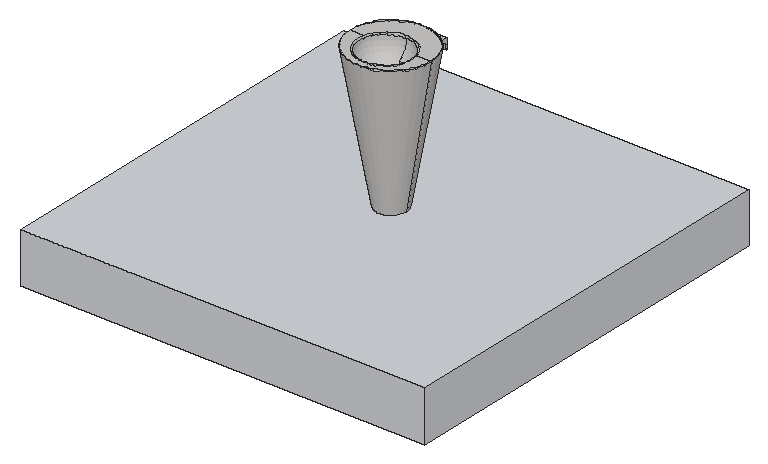
Revit family
Parameters (values of type "8931-RLS-S-H0")
  Waste Connection = yes
  WFU = 0
  Voltage = 0
  Vent Connection = no
  URL = "http://www.neo-metro.com/"
  Type Comments = ""
  Tempered Water Connection = no
  Revised Date = "03/19/2013"
  Phone# = "626-336-4561"
  Model = "8931-RLS-S-H0"
  Material = Stainless Steel
  Manufacturer = "Neo-Metro"
  HWFU = 0
  HW Connection = yes
  Designed By = "ATS BIM Team"
  Description = "Metropolis Basin - Small Round Basin"
  Default Elevation = 0"
  CWFU = 0
  CW Connection = yes
  Assembly Code = ""
  Amperage = 0
  8931-RLS-S - Satin Finish = yes
  8931-RLS-HPR - Mira Finish Rim = no
  8931-RLS-HPA - Mira Finish - All = no
  -OF - Overflow Outlet = no
  -NMF-2-S - Satin Finish Neo-Metro Deck Mounted Faucet = no
  -NMF-2-HP - High Polish Neo-Metro Deck Mounted Faucet = no
  -H1 - Single Hole = no
  -H0 - Less Punching (Requires Wall Mounted Faucet) = yes
Reference planes (in)
  plane 1 "Center (Front/Back)": y = 0
  plane 2: z = 0
  plane 3 "Center (Left/Right)": x = 0
  plane 4: x = -3.6875
  plane 5: x = -9.625
  plane 6: z = 34
  plane 7: x = -7.875
  plane 8: z = 29
  plane 9: x = 3.6875
  plane 10: x = -7.875
  plane 11: x = 9.625
  plane 12: x = 7.875
  plane 13: y = 11.625
  plane 14: y = -7.625
  plane 15: y = -5.875
  plane 16: y = 14
  plane 17: z = 26
  plane 18: z = 29.25
Forms (in)
  Extrusion 1, solid
    sketch origin (0, 0, 0) x (1, 0, 0) y (0, 1, 0)
      loop
        line (-48, 48) -> (-48, -48) -> (48, -48) -> (48, 48) -> (-48, 48)
    from 0 to -12
  Revolve 2, solid, material "Stainless Steel" <- "Material"
    sketch origin (0, 2, 0) x (-1, 0, 0) y (0, 0, 1)
      loop
        line (-3.6875, 0) -> (0, 0) -> (0, 2.17992) -> (-6.29156, 27.41398) -> (0, 27.41398) -> (0, 34) -> (-9.55064, 34)
        arc (-9.55064, 34) -> (-9.59848, 33.97771) -> (-9.61221, 33.92675) r 0.0625
        line (-9.61221, 33.92675) -> (-3.6875, 0)
      axis (0, 34) -> (0, 0)
    angle from 0 to 360
  Extrusion 3, solid, material "Stainless Steel" <- "Material"
    sketch origin (0, 3, -0.5) x (0, -1, 0) y (0, 0, 1)
      loop
        line (-6.42887, 32.23982) -> (-11, 32.23982) -> (-11, 29.75) -> (-10.79412, 29.75)
        arc (-10.79412, 29.75) -> (-10.27958, 31.22184) -> (-8.85055, 31.84549) r 1.94908
        line (-8.85055, 31.84549) -> (-6.42887, 31.84549) -> (-6.42887, 32.23982)
    from -3.6875 to 3.6875
  Revolve 4, void
    sketch origin (0, 2.25876, 0) x (0, -1, 0) y (0, 0, 1)
      loop
        arc (8.13376, 33.75876) -> (8.20442, 33.92934) -> (8.375, 34) r 0.24124
        line (8.375, 34) -> (2, 34) -> (2, 27.9883)
        arc (2, 27.9883) -> (6.33983, 29.52043) -> (8.13376, 33.75876) r 5.70083
      axis (2, 34) -> (2, 27.9883)
    angle from 0 to 360
  Extrusion 5, void
    sketch origin (0, 2, 0) x (-1, 0, 0) y (0, -1, 0)
      loop
        circle (0, 2) r 0.75
    from 26.93256 to 28.67691
  Extrusion 6, solid, material "Stainless Steel" <- "Material"
    sketch origin (0, 0, 0) x (1, 0, 0) y (0, 0, 1)
      loop
        circle (0, 26) r 0.625
    from -2.62746 to -14
Cuts and joins
  Revolve 4, Extrusion 5 cuts Revolve 2
  joined: Revolve 2, Extrusion 3, Extrusion 6
Dimensions and locks (in)
  plane 14 to plane 15 = 1 3/4"
  plane 1 "Center (Front/Back)" to plane 16 = 14"
  plane 17 to plane 2 = 26"
  plane 18 to plane 2 = 29 1/4"
  aligned and locked: plane 2 to Extrusion 1
  aligned and locked: level to Extrusion 1
Connectors (in)
  piping at (0, 14, 26)
    settings: on cut or joined group of Revolve 2, Extrusion 3, Revolve 4, Extrusion 5, Extrusion 6, index 1
